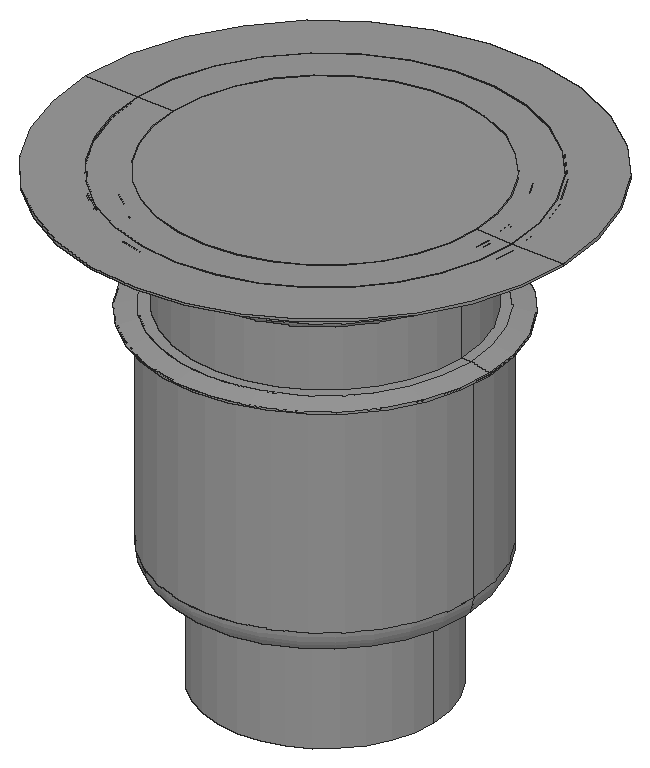
Revit family "ACO AUS Gully 218 Telescopic - Vinyl Top - Vertical Outlet with Location Flange - 222mm2", category Plumbing Fixtures, host Floor, Revit 2014
Parameters (values of type "141996 - Adjustable Height without FAT SS 304")
  Website = "www.acoaus.com.au"
  Watermarked By = "www.acoaus.com.au"
  Water Marked With = "BIM Manager Premium Suite"  # constant formula
  Water Mark 2 = "This file is water marked and users are prohibited to reproduce, adapt, distribute this information"  # constant formula
  Water Mark 1 = "This file is the property of ACO Passavant"  # constant formula
  Telephone = "+61 (2) 4747 4000"  # constant formula
  Product Type = "Point Drainage"  # constant formula
  Product Range = "ACO Gully 218"  # constant formula
  Product Code 413029 = "N/A"
  Product Code 413028 = "2.0 litre removable strainer - Stainless steel grade 304 - 0.9kg"
  Product Code 408236 = "N/A"
  Product Code 408233 = "N/A"
  Product Code 408226 = "Waterproof bonding flange - Stainless steel grade 304 - 2.5kg"
  Product Code 408223 = "0.7 litre removable strainer - Stainless steel grade 304 - 0.6kg"
  Product Code 142008 = "N/A"
  Product Code 142006 = "N/A"
  Product Code 142005 = "N/A"
  Product Code 142004 = "N/A"
  Product Code 142003 = "N/A"
  Product Code 142002 = "N/A"
  Price = "POA - contact ACO"  # constant formula
  Outlet Diameter (mm) = "160"
  Material = Stainless Steel AISI 304
  Manufacturer = "ACO Polycrete"  # constant formula
  Load Class = "A15 - C250 (EN 1253) and D210 (AS 3996)"  # constant formula
  Gully Weight (Kg) = "4.8"
  Gully Top Size (mm) = "To suit 300x300 grates"  # constant formula
  Gully Recycled Material Content = "20 - 30 %"  # constant formula
  Gully Recyclable = "Fully recyclable\r\nFully recyclable"  # constant formula
  Gully Product Description = "ACO Gully 218 adjustable height DN160 vertical outlet with round vinyl top section without Foul Air Trap - grade 304"
  Gully Product Code = "141996"
  Gully Outlet Radius = 80.00000 mm
  Gully Outlet Depth = 74.00000 mm
  Gully Material = "Stainless Steel Grade 304"
  Gully Colour = "passivated stainless steel surface ( matt grey)"  # constant formula
  Grating Product Code 97388 = "N/A"
  Grating Product Code 97148 = "Load Class M125 (EN 1253) - Ladder Grating - Plain - Stainless steel grade 304 - 222mm - 2.4kg"
  Foul Air Trap Seal Recycled Material Content = "N/A"
  Foul Air Trap Seal Recyclable = "N/A"
  Foul Air Trap Seal Material = "N/A"
  Foul Air Trap Seal Colour = "N/A"
  Flow Rate (l/s) = "27.1"
  Floor Void Depth [instance] = if(Gully Outlet Radius > 55.00000 mm, (-(Floor To Gully Height + 244.00000 mm)), (-(Floor To Gully Height + 244.00000 mm)))  # -335.00000 mm
  FFL To Gully Top Height [instance] = 158.00000 mm
  Floor To Gully Height [instance] = if(FFL To Gully Top Height > 91.00000 mm, 91.00000 mm, if(and(FFL To Gully Top Height > 62.00000 mm, FFL To Gully Top Height < 92.00000 mm), FFL To Gully Top Height, if(FFL To Gully Top Height < 62.00000 mm, 62.00000 mm, FFL To Gully Top Height)))  # 91.00000 mm
  Fax = "+61 (2) 4747 4029"  # constant formula
  E-mail Sales = "sales@acoaus.com.au"
  Address = "134-140 Old Bathurst Road, Emu Plains, NSW 2750, Australia\r\n"  # constant formula
  Foul Air Trap  &  Foul Air Trap Support Ring = no
  97388 - 222mm dia - Ladder Grating - Plain - Stainless Steel 316 [instance] = no
  97148 - 222mm dia - Ladder Grating - Plain - Stainless Steel 304 [instance] = yes
  413029 - 2.0 litre removable strainer - Stainless Steel 316 [instance] = no
  413028 - 2.0 litre removable strainer - Stainless Steel 304 [instance] = no
  408236 - Waterproof bonding flange - Stainless Steel 316 [instance] = no
  408233 - 0.7 litre removable strainer - Stainless Steel 316 [instance] = no
  408226 - Waterproof bonding flange - Stainless Steel 304 [instance] = no
  408223 - 0.7 litre removable strainer - Stainless Steel 304 [instance] = no
  160 mm Dia Outlet = yes
  142008 - Fixed strainer to suit a 160mm outlet - Stainless Steel 316 [instance] = no
  142006 - Retention chain connecting removable FAT to grate - Stainless Steel 316 [instance] = no
  142005 - Retention chain connecting removable strainer to grate - Stainless Steel 316 [instance] = no
  142004 - Retention chain connecting to FAT to removable strainer -Stainless Steel 316 [instance] = no
  142003 - Retention chain connecting fixed strainer to removable strainer - Stainless Steel 316 [instance] = no
  142002 - Retention chain connecting fixed strainer to FAT - Stainless Steel 316 [instance] = no
Reference planes
  plane 1 "Center (Front/Back)": y = 0
  plane 2: z = 0
  plane 3 "Center (Left/Right)": x = 0
Forms (mm)
  Extrusion 1, void
    sketch origin (0, 0, 0) x (1, 0, 0) y (0, 1, 0)
      loop
        circle (0, 0) r 175
    from 0 to -335 <- "Floor Void Depth"
  Revolve 2, solid, material "Stainless Steel AISI 304"
    sketch origin (0, 0, 0) x (1, 0, 0) y (0, 0, 1)
      loop
        line (-100, -42.996) -> (-100, -96) -> (-98.5, -96) -> (-98.5, -41.496) -> (-105.761, -41.496)
        arc (-105.761, -41.496) -> (-106.673, -41.118) -> (-107.051, -40.206) r 1.29
        line (-107.051, -40.206) -> (-107.051, -30) -> (-109.331, -30)
        arc (-109.331, -30) -> (-116.02, -27.23) -> (-118.79, -20.541) r 9.459
        line (-118.79, -20.541) -> (-118.79, -6.978)
        arc (-118.79, -6.978) -> (-119.663, -4.872) -> (-121.768, -4) r 2.978
        line (-121.768, -4) -> (-136.02, -4)
        arc (-136.02, -4) -> (-137.429, -3.145) -> (-137.323, -1.5) r 1.59
        line (-137.323, -1.5) -> (-137.323, 0) -> (-175, 0) -> (-175, -1.5) -> (-138.973, -1.5)
        arc (-138.973, -1.5) -> (-138.506, -4.245) -> (-136.02, -5.5) r 3.09
        line (-136.02, -5.5) -> (-121.768, -5.5)
        arc (-121.768, -5.5) -> (-120.723, -5.933) -> (-120.29, -6.978) r 1.478
        line (-120.29, -6.978) -> (-120.29, -20.541)
        arc (-120.29, -20.541) -> (-116.8, -28.561) -> (-108.551, -31.472) r 10.959
        line (-108.551, -31.472) -> (-108.551, -40.206)
        arc (-108.551, -40.206) -> (-107.734, -42.179) -> (-105.761, -42.996) r 2.79
        line (-105.761, -42.996) -> (-100, -42.996)
      axis (0, 0) -> (0, -96)
    angle from 0 to 360
  Extrusion 3, solid, material "Stainless Steel AISI 304"
    sketch origin (0, 0, 0) x (1, 0, 0) y (0, 1, 0)
      loop
        circle (0, 0) r 111
    from 0 to -30
  Revolve 4, solid, material "Stainless Steel AISI 304"
    sketch origin (0, 0, 0) x (1, 0, 0) y (0, 0, 1)
      loop
        line (-137.323, 0) -> (-137.323, -3.918) -> (-121.682, -3.918)
        arc (-121.682, -3.918) -> (-119.819, -4.605) -> (-118.848, -6.337) r 2.87
        line (-118.848, -6.337) -> (-118.848, -20.541)
        arc (-118.848, -20.541) -> (-116.63, -26.686) -> (-111, -30) r 9.624
        line (-111, -30) -> (-111, 0) -> (-137.323, 0)
      axis (0, 0) -> (0, -30)
    angle from 0 to 360
  Revolve 5, solid, material "Stainless Steel AISI 304" <- "Material", visible <- "Foul Air Trap  &  Foul Air Trap Support Ring"
    sketch origin (0, 0, 0) x (1, 0, 0) y (0, 0, 1)
      loop
        line (-90.958, -144.895) -> (-90.958, -147.395)
        arc (-90.958, -147.395) -> (-90.079, -149.516) -> (-87.958, -150.395) r 3
        line (-87.958, -150.395) -> (-81.458, -150.395)
        arc (-81.458, -150.395) -> (-67.316, -156.253) -> (-61.458, -170.395) r 20
        line (-61.458, -170.395) -> (-61.458, -175.432) -> (-60.004, -175.432) -> (-60.004, -170.395)
        arc (-60.004, -170.395) -> (-66.281, -155.241) -> (-81.435, -148.964) r 21.431
        line (-81.435, -148.964) -> (-87.979, -148.964)
        arc (-87.979, -148.964) -> (-89.025, -148.531) -> (-89.458, -147.485) r 1.479
        line (-89.458, -147.485) -> (-89.458, -144.895) -> (-90.958, -144.895)
      loop
        line (-83.958, -171.895) -> (-83.958, -201.895)
        arc (-83.958, -201.895) -> (-72.535, -229.472) -> (-44.958, -240.895) r 39
        line (-44.958, -240.895) -> (0, -240.895) -> (0, -239.395) -> (-44.958, -239.395)
        arc (-44.958, -239.395) -> (-71.475, -228.412) -> (-82.458, -201.895) r 37.5
        line (-82.458, -201.895) -> (-82.458, -171.895) -> (-83.958, -171.895)
      axis (0, -240.895) -> (0, -144.895)
    angle from 0 to 360
  Revolve 6, solid, material "Stainless Steel AISI 304" <- "Material", visible <- "Foul Air Trap  &  Foul Air Trap Support Ring"
    sketch origin (0, 0, 0) x (1, 0, 0) y (0, 0, 1)
      loop
        line (-107.5, -144.895) -> (-107.5, -165.895) -> (-91, -165.895) -> (-91, -160.395) -> (-82.5, -160.395) -> (-82.5, -150.395) -> (-91, -150.395) -> (-91, -144.895) -> (-107.5, -144.895)
      axis (0, -165.895) -> (0, -144.895)
    angle from 0 to 360
Lines and regions (mm)
  model lines
    curve 1: line (-101.295, 45.391, 0) -> (-101.295, -45.391, 0)
    curve 2: line (-98.105, 51.927, 0) -> (-98.105, -51.927, 0)
    curve 3: line (-61.415, 92.462, 0) -> (-61.415, -92.462, 0)
    curve 4: line (-58.225, 94.503, 0) -> (-58.225, -94.503, 0)
    curve 5: line (-21.535, 108.891, 0) -> (-21.535, -108.891, 0)
    curve 6: line (-18.345, 109.474, 0) -> (-18.345, -109.474, 0)
    curve 7: line (18.345, 109.474, 0) -> (18.345, -109.474, 0)
    curve 8: line (21.535, 108.891, 0) -> (21.535, -108.891, 0)
    curve 9: line (58.225, 94.503, 0) -> (58.225, -94.503, 0)
    curve 10: line (61.415, 92.462, 0) -> (61.415, -92.462, 0)
    curve 11: line (98.105, 51.927, 0) -> (98.105, -51.927, 0)
    curve 12: line (101.295, 45.391, 0) -> (101.295, -45.391, 0)
Dimensions and locks
  equal spacing: host sketch curve, plane 1 "Center (Front/Back)", host sketch curve
  equal spacing: host sketch curve, plane 3 "Center (Left/Right)", host sketch curve
  host sketch curve to host sketch curve = 3048.00000 mm  (x2)
  "FFL To Gully Top Height": host floor to host floor
  plane 2 to Revolve 2 sketch curve to Revolve 2 sketch curve to Revolve 2 sketch curve to Revolve 2 sketch curve to Revolve 2 sketch curve to Revolve 2 sketch curve to Revolve 2 sketch curve to Revolve 2 sketch curve to Revolve 2 sketch curve to Revolve 2 sketch curve to Revolve 2 sketch curve to Revolve 2 sketch curve to Revolve 2 sketch curve = 1.50009 mm locked, 0.90997 mm locked, 0.00000 mm locked, 1.59003 mm locked, 1.50000 mm locked, 1.47800 mm locked, 0.00000 mm locked, 13.56300 mm locked, 0.00000 mm locked, 19.66500 mm locked, 1.29000 mm locked, 1.50000 mm locked, 53.00400 mm locked
  Revolve 4 sketch curve to Revolve 4 sketch curve to Revolve 4 sketch curve to Revolve 4 sketch curve to Revolve 4 sketch curve = 3.91781 mm locked, 2.86978 mm locked, 13.75349 mm locked, 9.45891 mm locked
  locked: plane 3 "Center (Left/Right)" to Revolve 2 sketch curve at 175
  Revolve 5 sketch curve to Revolve 5 sketch curve to Revolve 5 sketch curve to Revolve 5 sketch curve to Revolve 5 sketch curve to Revolve 5 sketch curve to Revolve 5 sketch curve to Revolve 5 sketch curve to Revolve 5 sketch curve to Revolve 5 sketch curve to Revolve 5 sketch curve = 2.50000 mm locked, 3.00000 mm locked, 20.00000 mm locked, 0.00000 mm locked, 1.50000 mm locked, 3.53644 mm locked, 26.46356 mm locked, 0.00000 mm locked, 37.50000 mm locked, 1.50000 mm locked
  locked: nested 1 to Revolve 6 sketch curve at 53.895
  locked: nested 1 to Revolve 5 at 53.895
  locked: nested 1 to Revolve 5 sketch curve at 149.895
  locked: Revolve 5 to nested 3 at 53.895
  radius of Extrusion 3 sketch curve = 111.00000 mm
  aligned and locked: level to plane 2
  aligned and locked: Revolve 2 sketch curve to plane 3 "Center (Left/Right)"
  aligned and locked: nested 1 to nested 2
  aligned and locked: nested 1 to nested 3
  aligned and locked: Revolve 4 sketch curve to plane 3 "Center (Left/Right)"
  aligned and locked: Revolve 4 sketch curve to plane 2
  aligned and locked: plane 3 "Center (Left/Right)" to nested 2
  aligned and locked: plane 3 "Center (Left/Right)" to nested 4
  aligned and locked: nested 4 to plane 2
  aligned and locked: nested 5 to plane 1 "Center (Front/Back)"
  aligned and locked: nested 5 to plane 2
  aligned and locked: nested 3 to plane 1 "Center (Front/Back)"
  aligned and locked: level to Extrusion 3
  aligned and locked: Extrusion 3 to Revolve 2
  aligned and locked: Extrusion 1 sketch curve to Revolve 2  (x2)
  aligned and locked: Revolve 5 sketch curve to nested 4
  aligned and locked: Revolve 5 sketch curve to nested 2
  aligned and locked: Revolve 6 sketch curve to nested 4
Automatic sketch dimensions
  plane 1 "Center (Front/Back)" to Extrusion 3 sketch curve = 0.00000 mm
  Extrusion 3 sketch curve to plane 3 "Center (Left/Right)" = 0.00000 mm
  plane 1 "Center (Front/Back)" to curve 1 = 45.39078 mm
  curve 1 to plane 3 "Center (Left/Right)" = 101.29500 mm
  curve 1 to curve 2 = 3.19000 mm
  curve 2 to curve 3 = 36.69000 mm
  curve 3 to curve 4 = 3.19000 mm
  curve 5 to plane 3 "Center (Left/Right)" = 21.53500 mm
  curve 5 to curve 6 = 3.19000 mm
  plane 3 "Center (Left/Right)" to curve 7 = 18.34500 mm
  curve 7 to curve 8 = 3.19000 mm
  curve 8 to curve 9 = 36.69000 mm
  curve 9 to curve 10 = 3.19000 mm
  curve 10 to curve 11 = 36.69000 mm
  curve 11 to curve 12 = 3.19000 mm
  plane 1 "Center (Front/Back)" to curve 11 = 51.92696 mm
  curve 2 to curve 1 = 6.53618 mm
  curve 10 to curve 11 = 40.53491 mm
  curve 3 to curve 2 = 40.53491 mm
  curve 4 to curve 3 = 2.04130 mm
  curve 9 to curve 10 = 2.04130 mm
  curve 8 to curve 9 = 14.38780 mm
  curve 5 to curve 4 = 14.38780 mm
  curve 7 to curve 8 = 0.58259 mm
  curve 6 to curve 5 = 0.58259 mm
  curve 11 to curve 12 = 6.53618 mm
  curve 1 to plane 1 "Center (Front/Back)" = 45.39078 mm
  curve 12 to plane 1 "Center (Front/Back)" = 45.39078 mm
  curve 1 to curve 2 = 6.53618 mm
  curve 12 to curve 11 = 6.53618 mm
  curve 2 to curve 3 = 40.53491 mm
  curve 11 to curve 10 = 40.53491 mm
  curve 10 to curve 9 = 2.04130 mm
  curve 3 to curve 4 = 2.04130 mm
  curve 9 to curve 8 = 14.38780 mm
  curve 4 to curve 5 = 14.38780 mm
  curve 8 to curve 7 = 0.58259 mm
  curve 5 to curve 6 = 0.58259 mm
  Revolve 4 sketch curve to plane 3 "Center (Left/Right)" = 137.32343 mm
  Revolve 4 sketch curve to Revolve 4 sketch curve = 15.64153 mm
  Revolve 4 sketch curve to Revolve 4 sketch curve = 7.84766 mm
  Revolve 4 sketch curve to Revolve 4 sketch curve = 2.41947 mm
  Revolve 4 sketch curve to Revolve 4 sketch curve = 579.60000 mm
  level to Revolve 4 sketch curve = 2700.55196 mm
  Revolve 2 sketch curve to Revolve 2 sketch curve = 0.00000 mm  (x5)
  Revolve 2 sketch curve to Revolve 2 sketch curve = 1.50000 mm
  Revolve 2 sketch curve to Revolve 2 sketch curve = 5.76129 mm
  Revolve 2 sketch curve to Revolve 2 sketch curve = 2.28000 mm
  Revolve 2 sketch curve to Revolve 2 sketch curve = 9.45900 mm
  Revolve 2 sketch curve to Revolve 2 sketch curve = 14.25124 mm
  Revolve 2 sketch curve to level = 1.50009 mm
  Revolve 2 sketch curve to Revolve 2 sketch curve = 36.02746 mm
  Revolve 2 sketch curve to level = 55.30523 mm
  Revolve 2 sketch curve to Revolve 2 sketch curve = 12.68087 mm
  Revolve 2 sketch curve to level = 0.00000 mm
  Revolve 5 sketch curve to Revolve 5 sketch curve = 0.02084 mm
  Revolve 5 sketch curve to Revolve 5 sketch curve = 0.08962 mm
  Revolve 5 sketch curve to Revolve 5 sketch curve = 0.02293 mm
  Revolve 5 sketch curve to Revolve 5 sketch curve = 0.00000 mm
  Revolve 5 sketch curve to plane 3 "Center (Left/Right)" = 90.95805 mm
  Revolve 5 sketch curve to Revolve 5 sketch curve = 1.50000 mm
  Revolve 5 sketch curve to Revolve 5 sketch curve = 4.00000 mm
  Revolve 5 sketch curve to Revolve 5 sketch curve = 1.00000 mm
  Revolve 5 sketch curve to level = 0.00000 mm
  Revolve 5 sketch curve to Revolve 5 sketch curve = 33.86082 mm
  Revolve 6 sketch curve to plane 3 "Center (Left/Right)" = 91.00000 mm
  Revolve 6 sketch curve to Revolve 6 sketch curve = 0.00000 mm
  Revolve 6 sketch curve to Revolve 6 sketch curve = 8.50000 mm
  Revolve 6 sketch curve to Revolve 6 sketch curve = 5.50000 mm  (x2)
  Revolve 6 sketch curve to Revolve 6 sketch curve = 10.00000 mm
  Revolve 6 sketch curve to Revolve 6 sketch curve = 16.49988 mm
  Revolve 6 sketch curve to level = 0.00000 mm
  Revolve 6 sketch curve to Revolve 6 sketch curve = 13.86082 mm
Nested families
  nested 1: "Telescopic Gully Vertical Outlet" at (0, 0, 0), type "Telescopic Gully Vertical Outlet"
  nested 2: "Gully Detail Element" at (0, 0, -91) x (1, 0, 0) z (0, -1, 0), type "Gully Detail Element"
  nested 3: "Gully Detail Element" at (0, 0, -91) x (0, 1, 0) z (1, 0, 0), type "Gully Detail Element"
  nested 4: "Vinyl Gully Top" at (0, 0, 0) x (1, 0, 0) z (0, -1, 0), type "Vinyl Gully Top"
  nested 5: "Vinyl Gully Top" at (0, 0, 0) x (0, 1, 0) z (1, 0, 0), type "Vinyl Gully Top"
Connectors
  piping at (0, 0, -335), diameter 160, driven by "Gully Outlet Radius"
    settings: on nested 1, index 1, connector inside diameter 4.33071", connector length 0.00000 mm, flow factor 0, pipe flow 0 GPM, pressure drop 0.00 psi, fitting loss kfactor 0, connector angle 0.00°, fixture units 0, engagement length 0.00000 mm, angle of deflection 0.00°, flow configuration 0, flow direction 0, fitting loss method 0, system type 16, joint type 0, gender type 0, connector reference index -1, connector utility 0, adjustable connector no, is connector primary yes, connector description ""
Definition of nested family "Telescopic Gully Vertical Outlet"
  Parameters (values of type "Telescopic Gully Vertical Outlet")
    Watermarked By = ""
    Type Comments = "﻿﻿                                                ​                ﻿ ﻿﻿  ﻿ ﻿﻿          ﻿﻿﻿﻿   ﻿                         ﻿﻿"
    Material = Stainless Steel AISI 304
    Keynote = "﻿﻿                                                ​                ﻿ ﻿﻿  ﻿ ﻿﻿          ﻿﻿﻿﻿   ﻿                         ﻿﻿"
    Gully Outlet Dia = 80.00000 mm
    Gully Outlet Depth = 74.00000 mm
    Gully Bottom Width = if(Gully Outlet Dia > 55.00000 mm, 12.50000 mm, 37.50000 mm)  # 12.50000 mm
    Friction Ring = yes
    Foul Air Trap & Foul Air Trap Support = no
    Floor To Gully Height = 91.00000 mm
    Description = "﻿﻿                                                ​                ﻿ ﻿﻿  ﻿ ﻿﻿          ﻿﻿﻿﻿   ﻿                         ﻿﻿"
    Assembly Code = "D2040"
  Reference planes
    plane 1 "Center (Front/Back)": y = 0
    plane 2: z = 0
    plane 3 "Center (Left/Right)": x = 0
  Forms (mm)
    Revolve 1, solid, material "Stainless Steel AISI 304" <- "Material"
      sketch origin (0, 0, 0) x (1, 0, 0) y (0, 0, 1)
        loop
          line (-121, -91) -> (-121, -92.5) -> (-109, -92.5) -> (-109, -243)
          arc (-109, -243) -> (-103.728, -255.728) -> (-91, -261) r 18
          line (-91, -261) -> (-78.5, -261) -> (-78.5, -259.5) -> (-91, -259.5)
          arc (-91, -259.5) -> (-102.667, -254.667) -> (-107.5, -243) r 16.5
          line (-107.5, -243) -> (-107.5, -91) -> (-121, -91)
        axis (0, -91) -> (0, -261)
      angle from 0 to 360
    Revolve 2, solid, material "Stainless Steel AISI 304" <- "Material"
      sketch origin (0, 0, 0) x (1, 0, 0) y (0, 0, 1)
        loop
          line (-80, -261) -> (-80, -335) -> (-78.5, -335) -> (-78.5, -261) -> (-80, -261)
        axis (0, -261) -> (0, -335)
      angle from 0 to 360
    Revolve 3, solid, material "Rubber, Nitrile", visible <- "Friction Ring"
      sketch origin (0, 0, 0) x (1, 0, 0) y (0, 0, 1)
        loop
          line (-107.5, -91) -> (-107.5, -112) -> (-100, -112) -> (-100, -88) -> (-107.5, -88) -> (-121.508, -91) -> (-107.5, -91)
        axis (0, -88) -> (0, -112)
      angle from 0 to 360
  Dimensions and locks
    equal spacing: host sketch curve, plane 1 "Center (Front/Back)", host sketch curve
    equal spacing: host sketch curve, plane 3 "Center (Left/Right)", host sketch curve
    host sketch curve to host sketch curve = 3048.00000 mm  (x2)
    Revolve 3 sketch curve to Revolve 3 sketch curve to Revolve 3 sketch curve = 3.00000 mm locked, 21.00000 mm locked
    Revolve 3 sketch curve to Revolve 3 sketch curve to Revolve 3 sketch curve = 14.00778 mm locked, 7.50000 mm locked
    "Floor To Gully Height": host floor to Revolve 1 sketch curve
    "Gully Bottom Width": Revolve 1 sketch curve to Revolve 1 sketch curve
    locked: Revolve 2 sketch curve to Revolve 2 sketch curve at 1.5
    "Gully Outlet Dia": Revolve 2 sketch curve to plane 3 "Center (Left/Right)"
    "Gully Outlet Depth": Revolve 1 to Revolve 2 sketch curve
    Revolve 1 sketch curve to Revolve 1 sketch curve to Revolve 1 sketch curve to Revolve 1 sketch curve to Revolve 1 sketch curve to Revolve 1 sketch curve = 1.50000 mm locked, 150.50000 mm locked, 0.00000 mm locked, 16.50000 mm locked, 1.50000 mm locked
    Revolve 1 sketch curve to Revolve 1 sketch curve to Revolve 1 sketch curve to Revolve 1 sketch curve to Revolve 1 sketch curve = 12.00000 mm locked, 1.50000 mm locked, 16.50000 mm locked, 0.00000 mm locked
    locked: Revolve 1 sketch curve to plane 3 "Center (Left/Right)" at 107.5
    aligned and locked: level to plane 2
    aligned and locked: Revolve 1 sketch curve to plane 3 "Center (Left/Right)"
    aligned and locked: Revolve 2 sketch curve to plane 3 "Center (Left/Right)"
    aligned and locked: Revolve 3 sketch curve to Revolve 1
    aligned and locked: Revolve 3 sketch curve to plane 3 "Center (Left/Right)"
    aligned and locked: Revolve 1 to Revolve 2 sketch curve
  Automatic sketch dimensions
    Revolve 3 sketch curve to plane 3 "Center (Left/Right)" = 121.50778 mm
    Revolve 3 sketch curve to Revolve 3 sketch curve = 0.00000 mm
    Revolve 3 sketch curve to level = 109.66215 mm
    Revolve 3 sketch curve to Revolve 3 sketch curve = 20.00000 mm
    Revolve 1 sketch curve to level = 90.00000 mm
    Revolve 1 sketch curve to Revolve 1 sketch curve = 20.00000 mm
    Revolve 2 sketch curve to Revolve 2 sketch curve = 66.40000 mm
    Revolve 2 sketch curve to Revolve 2 sketch curve = 10.00000 mm
Definition of nested family "Gully Detail Element"
  Parameters (values of type "Gully Detail Element")
    Watermarked By = ""
    Type Comments = "﻿﻿                                                ​                ﻿ ﻿﻿  ﻿ ﻿﻿          ﻿﻿﻿﻿   ﻿                         ﻿﻿"
    Keynote = "﻿﻿                                                ​                ﻿ ﻿﻿  ﻿ ﻿﻿          ﻿﻿﻿﻿   ﻿                         ﻿﻿"
    Description = "﻿﻿                                                ​                ﻿ ﻿﻿  ﻿ ﻿﻿          ﻿﻿﻿﻿   ﻿                         ﻿﻿"
    Assembly Code = "D2040"
    160 mm Dia Outlet = yes
    110 mm Dia Outlet = no
  Reference planes
    plane 1 "Center (Front/Back)": y = 0
    plane 2: z = 0
    plane 3 "Center (Left/Right)": x = 0
  Lines and regions (mm)
    detail lines, in view "Ref. Level"
      curve 1: line (-121, 0, 0) -> (-121, -1.5, 0)
      curve 4: line (-91, -170, 0) -> (91, -170, 0)
      curve 7: line (121, 0, 0) -> (121, -1.5, 0)
      curve 11: line (-121, 0, 0) -> (121, 0, 0)
    detail lines, in view "Ref. Level", detail levels medium+fine
      curve 2: line (-121, -1.5, 0) -> (121, -1.5, 0)
      curve 3: line (-109, -2, 0) -> (-109, -59.002, 0)
      curve 5: arc (-109.5, -1.5, 0) -> (-109.146, -1.646, 0) -> (-109, -2, 0) r 0.5
      curve 6: arc (-109, -152, 0) -> (-103.728, -164.728, 0) -> (-91, -170, 0) r 18
      curve 8: line (109, -2, 0) -> (109, -59.002, 0)
      curve 9: arc (109.5, -1.5, 0) -> (109.146, -1.646, 0) -> (109, -2, 0) r 0.5
      curve 10: arc (109, -152, 0) -> (103.728, -164.728, 0) -> (91, -170, 0) r 18
      curve 26: line (-109, -71.195, 0) -> (-109, -152, 0)
      curve 27: line (109, -71.195, 0) -> (109, -152, 0)
    detail lines, in view "Ref. Level", detail levels coarse
      curve 12: line (-121, -1.5, 0) -> (-121, -170, 0)
      curve 13: line (-121, -170, 0) -> (-91, -170, 0)
      curve 14: line (121, -1.5, 0) -> (121, -170, 0)
      curve 15: line (121, -170, 0) -> (91, -170, 0)
    detail lines, style "0", in view "Ref. Level", detail levels medium+fine
      curve 16: arc (-107.25, -68.164, 0) -> (-108.531, -69.445, 0) -> (-109, -71.195, 0) r 3.5
      curve 17: arc (-105.69, -67.263, 0) -> (-104.44, -65.098, 0) -> (-105.69, -62.933, 0) r 2.5
      curve 18: arc (-109, -59.002, 0) -> (-108.531, -60.752, 0) -> (-107.25, -62.033, 0) r 3.5
      curve 19: line (-105.69, -67.263, 0) -> (-107.25, -68.164, 0)
      curve 20: line (-105.69, -62.933, 0) -> (-107.25, -62.033, 0)
      curve 21: arc (107.25, -68.164, 0) -> (108.531, -69.445, 0) -> (109, -71.195, 0) r 3.5
      curve 22: arc (105.69, -67.263, 0) -> (104.44, -65.098, 0) -> (105.69, -62.933, 0) r 2.5
      curve 23: arc (109, -59.002, 0) -> (108.531, -60.752, 0) -> (107.25, -62.033, 0) r 3.5
      curve 24: line (105.69, -67.263, 0) -> (107.25, -68.164, 0)
      curve 25: line (105.69, -62.933, 0) -> (107.25, -62.033, 0)
    detail lines, in view "Ref. Level", detail levels fine
      curve 28: line (-109, -59.002, 0) -> (109, -59.002, 0)
      curve 29: line (-109, -71.195, 0) -> (109, -71.195, 0)
      curve 30: line (-104.44, -65.098, 0) -> (104.44, -65.098, 0)
    detail lines, style "0", in view "Ref. Level", visible <- "160 mm Dia Outlet", detail levels medium+fine
      curve 31: arc (85.602, -170, 0) -> (82.187, -171.618, 0) -> (80.417, -174.955, 0) r 6
      curve 33: line (79.864, -237.689, 0) -> (78.173, -244, 0)
      curve 38: arc (-85.602, -170, 0) -> (-82.187, -171.618, 0) -> (-80.417, -174.955, 0) r 6
      curve 40: line (-79.864, -237.689, 0) -> (-78.173, -244, 0)
    detail lines, style "0", in view "Ref. Level", visible <- "160 mm Dia Outlet"
      curve 32: arc (79.864, -237.689, 0) -> (79.966, -237.176, 0) -> (80, -236.654, 0) r 4
      curve 39: arc (-79.864, -237.689, 0) -> (-79.966, -237.176, 0) -> (-80, -236.654, 0) r 4
    detail lines, in view "Ref. Level", visible <- "160 mm Dia Outlet"
      curve 34: line (80, -174.955, 0) -> (80, -236.654, 0)
      curve 41: line (-80, -174.955, 0) -> (-80, -236.654, 0)
      curve 43: line (-78.173, -244, 0) -> (78.173, -244, 0)
    detail lines, in view "Ref. Level", visible <- "160 mm Dia Outlet", detail levels coarse
      curve 35: line (80, -236.654, 0) -> (80, -244, 0)
      curve 36: line (78.173, -244, 0) -> (80, -244, 0)
      curve 37: line (-80, -244, 0) -> (-78.173, -244, 0)
      curve 42: line (-80, -236.654, 0) -> (-80, -244, 0)
      curve 45: line (-80, -174.955, 0) -> (-80, -170, 0)
      curve 46: line (80, -174.955, 0) -> (80, -170, 0)
    detail lines, in view "Ref. Level", visible <- "160 mm Dia Outlet", detail levels medium+fine
      curve 44: line (-80.417, -174.955, 0) -> (80.417, -174.955, 0)
    detail lines, in view "Ref. Level", visible <- "160 mm Dia Outlet", detail levels fine
      curve 47: line (-80, -237.176, 0) -> (79.966, -237.176, 0)
Definition of nested family "Vinyl Gully Top"
  Parameters (values of type "Vinyl Gully Top 218")
    Watermarked By = ""
    Type Comments = "﻿﻿           ﻿     ﻿                                              ﻿   ​ ​         ​                                   ﻿﻿"
    Keynote = "﻿﻿           ﻿     ﻿                                              ﻿   ​ ​         ​                                   ﻿﻿"
    Description = "﻿﻿           ﻿     ﻿                                              ﻿   ​ ​         ​                                   ﻿﻿"
    Assembly Code = "﻿﻿           ﻿     ﻿                                              ﻿   ​ ​         ​                                   ﻿﻿"
  Reference planes
    plane 1 "Center (Front/Back)": y = 0
    plane 2: z = 0
    plane 3 "Center (Left/Right)": x = 0
  Lines and regions (mm)
    detail lines, in view "Ref. Level"
      curve 1: line (-175, -1.5, 0) -> (175, -1.5, 0)
      curve 2: line (-136.02, -5.5, 0) -> (136.02, -5.5, 0)
      curve 3: arc (-138.973, -1.5, 0) -> (-138.506, -4.245, 0) -> (-136.02, -5.5, 0) r 3.09
      curve 4: line (-120.29, -6.978, 0) -> (-120.29, -20.541, 0)
      curve 5: arc (-121.768, -5.5, 0) -> (-120.723, -5.933, 0) -> (-120.29, -6.978, 0) r 1.478
      curve 6: line (-99.973, -42.996, 0) -> (-99.973, -96, 0)
      curve 7: line (-175, 0, 0) -> (175, 0, 0)
      curve 8: line (-99.973, -96, 0) -> (99.973, -96, 0)
      curve 9: line (-108.551, -31.5, 0) -> (108.551, -31.5, 0)
      curve 46: arc (138.973, -1.5, 0) -> (138.506, -4.245, 0) -> (136.02, -5.5, 0) r 3.09
      curve 47: arc (121.768, -5.5, 0) -> (120.723, -5.933, 0) -> (120.29, -6.978, 0) r 1.478
      curve 195: line (-109.331, -31.5, 0) -> (-108.551, -31.5, 0)
      curve 196: line (-108.551, -31.5, 0) -> (-108.551, -40.206, 0)
      curve 197: line (-105.761, -42.996, 0) -> (-99.973, -42.996, 0)
      curve 198: arc (-120.29, -20.541, 0) -> (-117.08, -28.29, 0) -> (-109.331, -31.5, 0) r 10.959
      curve 199: arc (-108.551, -40.206, 0) -> (-107.734, -42.179, 0) -> (-105.761, -42.996, 0) r 2.79
      curve 200: line (120.29, -6.978, 0) -> (120.29, -20.541, 0)
      curve 201: line (99.973, -42.996, 0) -> (99.973, -96, 0)
      curve 202: line (109.331, -31.5, 0) -> (108.551, -31.5, 0)
      curve 203: line (108.551, -31.5, 0) -> (108.551, -40.206, 0)
      curve 204: line (105.761, -42.996, 0) -> (99.973, -42.996, 0)
      curve 205: arc (120.29, -20.541, 0) -> (117.08, -28.29, 0) -> (109.331, -31.5, 0) r 10.959
      curve 206: arc (108.551, -40.206, 0) -> (107.734, -42.179, 0) -> (105.761, -42.996, 0) r 2.79
      curve 207: line (-99.973, -42.996, 0) -> (99.973, -42.996, 0)
      curve 208: line (-108.235, -41.496, 0) -> (108.235, -41.496, 0)
      curve 209: line (-120.29, -20.541, 0) -> (120.353, -20.541, 0)
      curve 210: line (175, 0, 0) -> (175, -1.5, 0)
      curve 211: line (-175, -1.5, 0) -> (-175, 0, 0)
    detail lines, style "Viditelná (ISO)", in view "Ref. Level", detail levels medium+fine
      curve 10: arc (-133.644, -5.5, 0) -> (-134.929, -7.225, 0) -> (-133.336, -8.67, 0) r 1.6
      curve 11: arc (-123.336, -8.67, 0) -> (-121.744, -7.225, 0) -> (-123.028, -5.5, 0) r 1.6
      curve 12: line (-133.336, -8.67, 0) -> (-123.336, -8.67, 0)
      curve 13: line (-133.836, -24.67, 0) -> (-133.836, -25.67, 0)
      curve 14: line (-133.836, -25.67, 0) -> (-122.836, -25.67, 0)
      curve 15: line (-122.836, -25.67, 0) -> (-122.836, -24.67, 0)
      curve 16: line (-122.836, -24.67, 0) -> (-133.836, -24.67, 0)
      curve 17: line (-132.836, -24.67, 0) -> (-132.836, -8.67, 0)
      curve 18: line (-123.836, -24.67, 0) -> (-123.836, -8.67, 0)
      curve 19: arc (-5, -5.495, 0) -> (-6.6, -7.095, 0) -> (-5, -8.695, 0) r 1.6
      curve 20: arc (5, -8.695, 0) -> (6.6, -7.095, 0) -> (5, -5.495, 0) r 1.6
      curve 21: line (-5, -8.695, 0) -> (5, -8.695, 0)
      curve 22: line (-5.5, -24.695, 0) -> (-5.5, -25.695, 0)
      curve 23: line (-5.5, -25.695, 0) -> (5.5, -25.695, 0)
      curve 24: line (5.5, -25.695, 0) -> (5.5, -24.695, 0)
      curve 25: line (5.5, -24.695, 0) -> (-5.5, -24.695, 0)
      curve 26: line (-4.5, -24.695, 0) -> (-4.5, -8.695, 0)
      curve 27: line (4.5, -24.695, 0) -> (4.5, -8.695, 0)
      curve 28: arc (83.887, -5.495, 0) -> (85.487, -7.095, 0) -> (83.887, -8.695, 0) r 1.6
      curve 29: arc (73.887, -8.695, 0) -> (72.287, -7.095, 0) -> (73.887, -5.495, 0) r 1.6
      curve 30: line (83.887, -8.695, 0) -> (73.887, -8.695, 0)
      curve 31: line (84.387, -24.695, 0) -> (84.387, -25.695, 0)
      curve 32: line (84.387, -25.695, 0) -> (73.387, -25.695, 0)
      curve 33: line (73.387, -25.695, 0) -> (73.387, -24.695, 0)
      curve 34: line (73.387, -24.695, 0) -> (84.387, -24.695, 0)
      curve 35: line (83.387, -24.695, 0) -> (83.387, -8.695, 0)
      curve 36: line (74.387, -24.695, 0) -> (74.387, -8.695, 0)
      curve 37: arc (-83.887, -5.495, 0) -> (-85.487, -7.095, 0) -> (-83.887, -8.695, 0) r 1.6
      curve 38: arc (-73.887, -8.695, 0) -> (-72.287, -7.095, 0) -> (-73.887, -5.495, 0) r 1.6
      curve 39: line (-83.887, -8.695, 0) -> (-73.887, -8.695, 0)
      curve 40: line (-84.387, -24.695, 0) -> (-84.387, -25.695, 0)
      curve 41: line (-84.387, -25.695, 0) -> (-73.387, -25.695, 0)
      curve 42: line (-73.387, -25.695, 0) -> (-73.387, -24.695, 0)
      curve 43: line (-73.387, -24.695, 0) -> (-84.387, -24.695, 0)
      curve 44: line (-83.387, -24.695, 0) -> (-83.387, -8.695, 0)
      curve 45: line (-74.387, -24.695, 0) -> (-74.387, -8.695, 0)
      curve 48: arc (133.644, -5.5, 0) -> (134.929, -7.225, 0) -> (133.336, -8.67, 0) r 1.6
      curve 49: arc (123.336, -8.67, 0) -> (121.744, -7.225, 0) -> (123.028, -5.5, 0) r 1.6
      curve 50: line (133.336, -8.67, 0) -> (123.336, -8.67, 0)
      curve 51: line (133.836, -24.67, 0) -> (133.836, -25.67, 0)
      curve 52: line (133.836, -25.67, 0) -> (122.836, -25.67, 0)
      curve 53: line (122.836, -25.67, 0) -> (122.836, -24.67, 0)
      curve 54: line (122.836, -24.67, 0) -> (133.836, -24.67, 0)
      curve 55: line (132.836, -24.67, 0) -> (132.836, -8.67, 0)
      curve 56: line (123.836, -24.67, 0) -> (123.836, -8.67, 0)
    detail lines, style "Viditelná (ISO)", in view "Ref. Level", detail levels fine
      curve 57: spline (-53.877, -20.514, 0) -> (-55.067, -20.719, 0) -> (-56.175, -21.318, 0) -> (-57.127, -22.272, 0) -> (-57.858, -23.514, 0) -> (-58.317, -24.961, 0) -> (-58.474, -26.514, 0) -> (-58.317, -28.067, 0) -> (-57.858, -29.514, 0) -> (-57.127, -30.757, 0) -> (-56.175, -31.711, 0) -> (-55.067, -32.31, 0) -> (-53.877, -32.514, 0)
      curve 58: spline (-57.337, -23.808, 0) -> (-57.628, -24.752, 0) -> (-57.793, -25.747, 0) -> (-57.827, -26.765, 0) -> (-57.728, -27.775, 0) -> (-57.5, -28.748, 0) -> (-57.15, -29.658, 0) -> (-56.686, -30.477, 0) -> (-56.123, -31.181, 0) -> (-55.477, -31.752, 0) -> (-54.766, -32.171, 0) -> (-54.012, -32.428, 0) -> (-53.234, -32.514, 0)
      curve 59: spline (-73.028, -32.514, 0) -> (-71.839, -32.31, 0) -> (-70.73, -31.711, 0) -> (-69.778, -30.757, 0) -> (-69.048, -29.514, 0) -> (-68.589, -28.067, 0) -> (-68.432, -26.514, 0) -> (-68.589, -24.961, 0) -> (-69.048, -23.514, 0) -> (-69.778, -22.272, 0) -> (-70.73, -21.318, 0) -> (-71.839, -20.719, 0) -> (-73.028, -20.514, 0)
      curve 60: spline (-53.877, -52.496, 0) -> (-53.87, -52.856, 0) -> (-53.847, -53.214, 0) -> (-53.809, -53.569, 0) -> (-53.757, -53.92, 0) -> (-53.69, -54.264, 0) -> (-53.608, -54.601, 0) -> (-53.513, -54.929, 0) -> (-53.404, -55.246, 0) -> (-53.281, -55.552, 0) -> (-53.147, -55.844, 0) -> (-53, -56.123, 0) -> (-52.842, -56.385, 0)
      curve 61: spline (-51.251, -66.638, 0) -> (-50.946, -66.097, 0) -> (-50.689, -65.499, 0) -> (-50.485, -64.854, 0) -> (-50.336, -64.173, 0) -> (-50.246, -63.467, 0) -> (-50.216, -62.749, 0) -> (-50.246, -62.031, 0) -> (-50.336, -61.326, 0) -> (-50.485, -60.644, 0) -> (-50.689, -59.999, 0) -> (-50.946, -59.401, 0) -> (-51.251, -58.86, 0)
      curve 62: spline (-52.842, -69.113, 0) -> (-53.147, -69.654, 0) -> (-53.404, -70.252, 0) -> (-53.608, -70.897, 0) -> (-53.757, -71.579, 0) -> (-53.847, -72.284, 0) -> (-53.877, -73.002, 0) -> (-53.847, -73.72, 0) -> (-53.757, -74.426, 0) -> (-53.608, -75.107, 0) -> (-53.404, -75.752, 0) -> (-53.147, -76.35, 0) -> (-52.842, -76.891, 0)
      curve 63: spline (-51.251, -87.144, 0) -> (-50.946, -86.603, 0) -> (-50.689, -86.005, 0) -> (-50.485, -85.36, 0) -> (-50.336, -84.679, 0) -> (-50.246, -83.973, 0) -> (-50.216, -83.255, 0) -> (-50.246, -82.537, 0) -> (-50.336, -81.832, 0) -> (-50.485, -81.151, 0) -> (-50.689, -80.505, 0) -> (-50.946, -79.907, 0) -> (-51.251, -79.366, 0)
      curve 64: spline (-52.842, -89.619, 0) -> (-53.147, -90.16, 0) -> (-53.404, -90.758, 0) -> (-53.608, -91.404, 0) -> (-53.757, -92.085, 0) -> (-53.847, -92.79, 0) -> (-53.877, -93.508, 0) -> (-53.847, -94.226, 0) -> (-53.757, -94.932, 0) -> (-53.608, -95.613, 0) -> (-53.404, -96.258, 0) -> (-53.147, -96.857, 0) -> (-52.842, -97.397, 0)
      curve 65: spline (-51.251, -107.65, 0) -> (-50.946, -107.11, 0) -> (-50.689, -106.511, 0) -> (-50.485, -105.866, 0) -> (-50.336, -105.185, 0) -> (-50.246, -104.479, 0) -> (-50.216, -103.761, 0) -> (-50.246, -103.043, 0) -> (-50.336, -102.338, 0) -> (-50.485, -101.657, 0) -> (-50.689, -101.011, 0) -> (-50.946, -100.413, 0) -> (-51.251, -99.872, 0)
      curve 66: spline (-52.842, -110.125, 0) -> (-53, -110.388, 0) -> (-53.147, -110.666, 0) -> (-53.281, -110.959, 0) -> (-53.404, -111.264, 0) -> (-53.513, -111.582, 0) -> (-53.608, -111.91, 0) -> (-53.69, -112.246, 0) -> (-53.757, -112.591, 0) -> (-53.809, -112.941, 0) -> (-53.847, -113.297, 0) -> (-53.87, -113.655, 0) -> (-53.877, -114.014, 0)
      curve 67: spline (-52.387, -110.832, 0) -> (-52.517, -111.047, 0) -> (-52.637, -111.275, 0) -> (-52.747, -111.514, 0) -> (-52.847, -111.764, 0) -> (-52.936, -112.024, 0) -> (-53.014, -112.292, 0) -> (-53.081, -112.568, 0) -> (-53.136, -112.85, 0) -> (-53.179, -113.137, 0) -> (-53.21, -113.427, 0) -> (-53.228, -113.72, 0) -> (-53.234, -114.014, 0)
      curve 68: spline (-50.796, -108.358, 0) -> (-50.436, -107.718, 0) -> (-50.132, -107.011, 0) -> (-49.891, -106.249, 0) -> (-49.715, -105.444, 0) -> (-49.608, -104.61, 0) -> (-49.573, -103.761, 0) -> (-49.608, -102.913, 0) -> (-49.715, -102.079, 0) -> (-49.891, -101.274, 0) -> (-50.132, -100.511, 0) -> (-50.436, -99.804, 0) -> (-50.796, -99.165, 0)
      curve 69: spline (-52.387, -90.326, 0) -> (-52.637, -90.769, 0) -> (-52.847, -91.258, 0) -> (-53.014, -91.786, 0) -> (-53.136, -92.344, 0) -> (-53.21, -92.921, 0) -> (-53.234, -93.508, 0) -> (-53.21, -94.096, 0) -> (-53.136, -94.673, 0) -> (-53.014, -95.23, 0) -> (-52.847, -95.758, 0) -> (-52.637, -96.248, 0) -> (-52.387, -96.69, 0)
      curve 70: spline (-50.796, -87.851, 0) -> (-50.436, -87.212, 0) -> (-50.132, -86.505, 0) -> (-49.891, -85.743, 0) -> (-49.715, -84.938, 0) -> (-49.608, -84.104, 0) -> (-49.573, -83.255, 0) -> (-49.608, -82.407, 0) -> (-49.715, -81.573, 0) -> (-49.891, -80.768, 0) -> (-50.132, -80.005, 0) -> (-50.436, -79.298, 0) -> (-50.796, -78.659, 0)
      curve 71: spline (-52.387, -69.82, 0) -> (-52.637, -70.263, 0) -> (-52.847, -70.752, 0) -> (-53.014, -71.28, 0) -> (-53.136, -71.838, 0) -> (-53.21, -72.415, 0) -> (-53.234, -73.002, 0) -> (-53.21, -73.59, 0) -> (-53.136, -74.167, 0) -> (-53.014, -74.724, 0) -> (-52.847, -75.252, 0) -> (-52.637, -75.742, 0) -> (-52.387, -76.184, 0)
      curve 72: spline (-50.796, -67.345, 0) -> (-50.436, -66.706, 0) -> (-50.132, -65.999, 0) -> (-49.891, -65.237, 0) -> (-49.715, -64.431, 0) -> (-49.608, -63.598, 0) -> (-49.573, -62.749, 0) -> (-49.608, -61.901, 0) -> (-49.715, -61.067, 0) -> (-49.891, -60.262, 0) -> (-50.132, -59.499, 0) -> (-50.436, -58.792, 0) -> (-50.796, -58.153, 0)
      curve 73: spline (-53.234, -52.496, 0) -> (-53.228, -52.79, 0) -> (-53.21, -53.083, 0) -> (-53.179, -53.374, 0) -> (-53.136, -53.661, 0) -> (-53.081, -53.943, 0) -> (-53.014, -54.218, 0) -> (-52.936, -54.486, 0) -> (-52.847, -54.746, 0) -> (-52.747, -54.996, 0) -> (-52.637, -55.236, 0) -> (-52.517, -55.463, 0) -> (-52.387, -55.678, 0)
      curve 74: spline (-71.993, -110.125, 0) -> (-72.151, -110.388, 0) -> (-72.298, -110.666, 0) -> (-72.433, -110.959, 0) -> (-72.555, -111.264, 0) -> (-72.664, -111.582, 0) -> (-72.759, -111.91, 0) -> (-72.841, -112.246, 0) -> (-72.908, -112.591, 0) -> (-72.96, -112.941, 0) -> (-72.998, -113.297, 0) -> (-73.021, -113.655, 0) -> (-73.028, -114.014, 0)
      curve 75: spline (-70.402, -107.65, 0) -> (-70.097, -107.11, 0) -> (-69.84, -106.511, 0) -> (-69.636, -105.866, 0) -> (-69.487, -105.185, 0) -> (-69.397, -104.479, 0) -> (-69.367, -103.761, 0) -> (-69.397, -103.043, 0) -> (-69.487, -102.338, 0) -> (-69.636, -101.657, 0) -> (-69.84, -101.011, 0) -> (-70.097, -100.413, 0) -> (-70.402, -99.872, 0)
      curve 76: spline (-71.993, -89.619, 0) -> (-72.298, -90.16, 0) -> (-72.555, -90.758, 0) -> (-72.759, -91.404, 0) -> (-72.908, -92.085, 0) -> (-72.998, -92.79, 0) -> (-73.028, -93.508, 0) -> (-72.998, -94.226, 0) -> (-72.908, -94.932, 0) -> (-72.759, -95.613, 0) -> (-72.555, -96.258, 0) -> (-72.298, -96.857, 0) -> (-71.993, -97.397, 0)
      curve 77: spline (-70.402, -87.144, 0) -> (-70.097, -86.603, 0) -> (-69.84, -86.005, 0) -> (-69.636, -85.36, 0) -> (-69.487, -84.679, 0) -> (-69.397, -83.973, 0) -> (-69.367, -83.255, 0) -> (-69.397, -82.537, 0) -> (-69.487, -81.832, 0) -> (-69.636, -81.151, 0) -> (-69.84, -80.505, 0) -> (-70.097, -79.907, 0) -> (-70.402, -79.366, 0)
      curve 78: spline (-71.993, -69.113, 0) -> (-72.298, -69.654, 0) -> (-72.555, -70.252, 0) -> (-72.759, -70.897, 0) -> (-72.908, -71.579, 0) -> (-72.998, -72.284, 0) -> (-73.028, -73.002, 0) -> (-72.998, -73.72, 0) -> (-72.908, -74.426, 0) -> (-72.759, -75.107, 0) -> (-72.555, -75.752, 0) -> (-72.298, -76.35, 0) -> (-71.993, -76.891, 0)
      curve 79: spline (-70.402, -66.638, 0) -> (-70.097, -66.097, 0) -> (-69.84, -65.499, 0) -> (-69.636, -64.854, 0) -> (-69.487, -64.173, 0) -> (-69.397, -63.467, 0) -> (-69.367, -62.749, 0) -> (-69.397, -62.031, 0) -> (-69.487, -61.326, 0) -> (-69.636, -60.644, 0) -> (-69.84, -59.999, 0) -> (-70.097, -59.401, 0) -> (-70.402, -58.86, 0)
      curve 80: spline (-73.028, -52.496, 0) -> (-73.021, -52.856, 0) -> (-72.998, -53.214, 0) -> (-72.96, -53.569, 0) -> (-72.908, -53.92, 0) -> (-72.841, -54.264, 0) -> (-72.759, -54.601, 0) -> (-72.664, -54.929, 0) -> (-72.555, -55.246, 0) -> (-72.433, -55.552, 0) -> (-72.298, -55.844, 0) -> (-72.151, -56.123, 0) -> (-71.993, -56.385, 0)
      curve 81: spline (-73.028, -130.502, 0) -> (-71.783, -132.252, 0) -> (-70.351, -133.74, 0) -> (-68.766, -134.933, 0) -> (-67.062, -135.805, 0) -> (-65.278, -136.336, 0) -> (-63.453, -136.514, 0) -> (-61.628, -136.336, 0) -> (-59.844, -135.805, 0) -> (-58.14, -134.933, 0) -> (-56.555, -133.74, 0) -> (-55.123, -132.252, 0) -> (-53.877, -130.502, 0)
      curve 82: spline (-62.81, -136.514, 0) -> (-61.895, -136.47, 0) -> (-60.985, -136.336, 0) -> (-60.085, -136.114, 0) -> (-59.201, -135.805, 0) -> (-58.337, -135.411, 0) -> (-57.497, -134.933, 0) -> (-56.687, -134.375, 0) -> (-55.912, -133.74, 0) -> (-55.175, -133.031, 0) -> (-54.48, -132.252, 0) -> (-53.832, -131.407, 0) -> (-53.234, -130.502, 0)
      curve 83: spline (-63.131, -118.029, 0) -> (-64.256, -118.319, 0) -> (-65.291, -118.964, 0) -> (-66.172, -119.923, 0) -> (-66.843, -121.136, 0) -> (-67.263, -122.529, 0) -> (-67.406, -124.014, 0) -> (-67.263, -125.5, 0) -> (-66.843, -126.892, 0) -> (-66.172, -128.106, 0) -> (-65.291, -129.065, 0) -> (-64.256, -129.71, 0) -> (-63.131, -130, 0)
      curve 84: spline (-63.453, -130.014, 0) -> (-62.263, -129.81, 0) -> (-61.155, -129.211, 0) -> (-60.203, -128.257, 0) -> (-59.472, -127.014, 0) -> (-59.013, -125.567, 0) -> (-58.857, -124.014, 0) -> (-59.013, -122.461, 0) -> (-59.472, -121.014, 0) -> (-60.203, -119.772, 0) -> (-61.155, -118.818, 0) -> (-62.263, -118.219, 0) -> (-63.453, -118.014, 0) -> (-64.642, -118.219, 0) -> (-65.751, -118.818, 0) -> (-66.703, -119.772, 0) -> (-67.433, -121.014, 0) -> (-67.892, -122.461, 0) -> (-68.049, -124.014, 0) -> (-67.892, -125.567, 0) -> (-67.433, -127.014, 0) -> (-66.703, -128.257, 0) -> (-65.751, -129.211, 0) -> (-64.642, -129.81, 0) -> (-63.453, -130.014, 0)
      curve 85: line (-53.234, -52.496, 0) -> (-53.234, -32.514, 0)
      curve 86: line (-53.877, -32.514, 0) -> (-53.877, -52.496, 0)
      curve 87: line (-52.842, -56.385, 0) -> (-51.251, -58.86, 0)
      curve 88: line (-51.251, -66.638, 0) -> (-52.842, -69.113, 0)
      curve 89: line (-52.842, -76.891, 0) -> (-51.251, -79.366, 0)
      curve 90: line (-51.251, -87.144, 0) -> (-52.842, -89.619, 0)
      curve 91: line (-52.842, -97.397, 0) -> (-51.251, -99.872, 0)
      curve 92: line (-51.251, -107.65, 0) -> (-52.842, -110.125, 0)
      curve 93: line (-53.877, -114.014, 0) -> (-53.877, -130.502, 0)
      curve 94: line (-53.877, -130.502, 0) -> (-53.234, -130.502, 0)
      curve 95: line (-53.234, -130.502, 0) -> (-53.234, -114.014, 0)
      curve 96: line (-52.387, -110.832, 0) -> (-50.796, -108.358, 0)
      curve 97: line (-50.796, -99.165, 0) -> (-52.387, -96.69, 0)
      curve 98: line (-52.387, -90.326, 0) -> (-50.796, -87.851, 0)
      curve 99: line (-50.796, -78.659, 0) -> (-52.387, -76.184, 0)
      curve 100: line (-52.387, -69.82, 0) -> (-50.796, -67.345, 0)
      curve 101: line (-50.796, -58.153, 0) -> (-52.387, -55.678, 0)
      curve 102: line (-53.234, -18.014, 0) -> (-53.234, -10.514, 0)
      curve 103: line (-53.877, -10.514, 0) -> (-53.877, -20.514, 0)
      curve 104: line (-53.877, -10.514, 0) -> (-73.028, -10.514, 0)
      curve 105: line (-73.028, -10.514, 0) -> (-73.028, -20.514, 0)
      curve 106: line (-73.028, -114.014, 0) -> (-73.028, -130.502, 0)
      curve 107: line (-70.402, -107.65, 0) -> (-71.993, -110.125, 0)
      curve 108: line (-71.993, -97.397, 0) -> (-70.402, -99.872, 0)
      curve 109: line (-71.993, -76.891, 0) -> (-70.402, -79.366, 0)
      curve 110: line (-70.402, -87.144, 0) -> (-71.993, -89.619, 0)
      curve 111: line (-71.993, -56.385, 0) -> (-70.402, -58.86, 0)
      curve 112: line (-70.402, -66.638, 0) -> (-71.993, -69.113, 0)
      curve 113: line (-73.028, -32.514, 0) -> (-73.028, -52.496, 0)
      curve 114: line (-63.453, -136.514, 0) -> (-62.81, -136.514, 0)
      curve 115: spline (120.29, -20.5, 0) -> (120.021, -20.704, 0) -> (119.769, -21.304, 0) -> (119.554, -22.257, 0) -> (119.388, -23.5, 0) -> (119.284, -24.947, 0) -> (119.248, -26.5, 0) -> (119.284, -28.053, 0) -> (119.388, -29.5, 0) -> (119.554, -30.743, 0) -> (119.769, -31.696, 0) -> (120.021, -32.296, 0) -> (120.29, -32.5, 0)
      curve 116: spline (115.949, -32.5, 0) -> (116.219, -32.296, 0) -> (116.47, -31.696, 0) -> (116.686, -30.743, 0) -> (116.851, -29.5, 0) -> (116.955, -28.053, 0) -> (116.991, -26.5, 0) -> (116.955, -24.947, 0) -> (116.851, -23.5, 0) -> (116.686, -22.257, 0) -> (116.47, -21.304, 0) -> (116.219, -20.704, 0) -> (115.949, -20.5, 0)
      curve 117: spline (118.704, -56.371, 0) -> (118.946, -56.108, 0) -> (119.171, -55.83, 0) -> (119.377, -55.537, 0) -> (119.565, -55.232, 0) -> (119.732, -54.914, 0) -> (119.878, -54.586, 0) -> (120.003, -54.25, 0) -> (120.106, -53.905, 0) -> (120.186, -53.555, 0) -> (120.244, -53.2, 0) -> (120.279, -52.841, 0) -> (120.29, -52.482, 0)
      curve 118: spline (116.267, -58.846, 0) -> (115.799, -59.387, 0) -> (115.406, -59.985, 0) -> (115.092, -60.63, 0) -> (114.865, -61.311, 0) -> (114.726, -62.017, 0) -> (114.68, -62.735, 0) -> (114.726, -63.453, 0) -> (114.865, -64.158, 0) -> (115.092, -64.839, 0) -> (115.406, -65.485, 0) -> (115.799, -66.083, 0) -> (116.267, -66.624, 0)
      curve 119: spline (118.704, -76.877, 0) -> (119.171, -76.336, 0) -> (119.565, -75.738, 0) -> (119.878, -75.093, 0) -> (120.106, -74.411, 0) -> (120.244, -73.706, 0) -> (120.29, -72.988, 0) -> (120.244, -72.27, 0) -> (120.106, -71.564, 0) -> (119.878, -70.883, 0) -> (119.565, -70.238, 0) -> (119.171, -69.64, 0) -> (118.704, -69.099, 0)
      curve 120: spline (116.267, -79.352, 0) -> (115.799, -79.893, 0) -> (115.406, -80.491, 0) -> (115.092, -81.136, 0) -> (114.865, -81.817, 0) -> (114.726, -82.523, 0) -> (114.68, -83.241, 0) -> (114.726, -83.959, 0) -> (114.865, -84.664, 0) -> (115.092, -85.346, 0) -> (115.406, -85.991, 0) -> (115.799, -86.589, 0) -> (116.267, -87.13, 0)
      curve 121: spline (118.704, -97.383, 0) -> (119.171, -96.842, 0) -> (119.565, -96.244, 0) -> (119.878, -95.599, 0) -> (120.106, -94.917, 0) -> (120.244, -94.212, 0) -> (120.29, -93.494, 0) -> (120.244, -92.776, 0) -> (120.106, -92.07, 0) -> (119.878, -91.389, 0) -> (119.565, -90.744, 0) -> (119.171, -90.146, 0) -> (118.704, -89.605, 0)
      curve 122: spline (116.267, -99.858, 0) -> (115.799, -100.399, 0) -> (115.406, -100.997, 0) -> (115.092, -101.642, 0) -> (114.865, -102.323, 0) -> (114.726, -103.029, 0) -> (114.68, -103.747, 0) -> (114.726, -104.465, 0) -> (114.865, -105.17, 0) -> (115.092, -105.852, 0) -> (115.406, -106.497, 0) -> (115.799, -107.095, 0) -> (116.267, -107.636, 0)
      curve 123: spline (120.29, -114, 0) -> (120.279, -113.64, 0) -> (120.244, -113.282, 0) -> (120.186, -112.927, 0) -> (120.106, -112.576, 0) -> (120.003, -112.232, 0) -> (119.878, -111.895, 0) -> (119.732, -111.567, 0) -> (119.565, -111.25, 0) -> (119.377, -110.944, 0) -> (119.171, -110.652, 0) -> (118.946, -110.374, 0) -> (118.704, -110.111, 0)
      curve 124: spline (113.666, -55.664, 0) -> (113.864, -55.449, 0) -> (114.048, -55.221, 0) -> (114.217, -54.982, 0) -> (114.37, -54.732, 0) -> (114.507, -54.472, 0) -> (114.627, -54.204, 0) -> (114.729, -53.928, 0) -> (114.813, -53.646, 0) -> (114.879, -53.36, 0) -> (114.926, -53.069, 0) -> (114.955, -52.776, 0) -> (114.964, -52.482, 0)
      curve 125: spline (111.229, -58.139, 0) -> (110.677, -58.778, 0) -> (110.212, -59.485, 0) -> (109.841, -60.247, 0) -> (109.572, -61.052, 0) -> (109.409, -61.886, 0) -> (109.354, -62.735, 0) -> (109.409, -63.583, 0) -> (109.572, -64.417, 0) -> (109.841, -65.222, 0) -> (110.212, -65.985, 0) -> (110.677, -66.692, 0) -> (111.229, -67.331, 0)
      curve 126: spline (113.666, -76.17, 0) -> (114.048, -75.727, 0) -> (114.37, -75.238, 0) -> (114.627, -74.71, 0) -> (114.813, -74.152, 0) -> (114.926, -73.575, 0) -> (114.964, -72.988, 0) -> (114.926, -72.4, 0) -> (114.813, -71.823, 0) -> (114.627, -71.266, 0) -> (114.37, -70.738, 0) -> (114.048, -70.248, 0) -> (113.666, -69.806, 0)
      curve 127: spline (111.229, -78.645, 0) -> (110.677, -79.284, 0) -> (110.212, -79.991, 0) -> (109.841, -80.753, 0) -> (109.572, -81.558, 0) -> (109.409, -82.392, 0) -> (109.354, -83.241, 0) -> (109.409, -84.089, 0) -> (109.572, -84.923, 0) -> (109.841, -85.728, 0) -> (110.212, -86.491, 0) -> (110.677, -87.198, 0) -> (111.229, -87.837, 0)
      curve 128: spline (113.666, -96.676, 0) -> (114.048, -96.233, 0) -> (114.37, -95.744, 0) -> (114.627, -95.216, 0) -> (114.813, -94.659, 0) -> (114.926, -94.081, 0) -> (114.964, -93.494, 0) -> (114.926, -92.906, 0) -> (114.813, -92.329, 0) -> (114.627, -91.772, 0) -> (114.37, -91.244, 0) -> (114.048, -90.754, 0) -> (113.666, -90.312, 0)
      curve 129: spline (111.229, -99.151, 0) -> (110.677, -99.79, 0) -> (110.212, -100.497, 0) -> (109.841, -101.259, 0) -> (109.572, -102.065, 0) -> (109.409, -102.898, 0) -> (109.354, -103.747, 0) -> (109.409, -104.595, 0) -> (109.572, -105.429, 0) -> (109.841, -106.234, 0) -> (110.212, -106.997, 0) -> (110.677, -107.704, 0) -> (111.229, -108.343, 0)
      curve 130: spline (114.964, -114, 0) -> (114.955, -113.706, 0) -> (114.926, -113.413, 0) -> (114.879, -113.122, 0) -> (114.813, -112.835, 0) -> (114.729, -112.553, 0) -> (114.627, -112.278, 0) -> (114.507, -112.01, 0) -> (114.37, -111.75, 0) -> (114.217, -111.5, 0) -> (114.048, -111.261, 0) -> (113.864, -111.033, 0) -> (113.666, -110.818, 0)
      curve 131: spline (115.949, -114, 0) -> (115.937, -113.64, 0) -> (115.903, -113.282, 0) -> (115.845, -112.927, 0) -> (115.764, -112.576, 0) -> (115.662, -112.232, 0) -> (115.537, -111.895, 0) -> (115.39, -111.567, 0) -> (115.223, -111.25, 0) -> (115.036, -110.944, 0) -> (114.83, -110.652, 0) -> (114.605, -110.374, 0) -> (114.363, -110.111, 0)
      curve 132: spline (111.925, -99.858, 0) -> (111.458, -100.399, 0) -> (111.065, -100.997, 0) -> (110.751, -101.642, 0) -> (110.523, -102.323, 0) -> (110.385, -103.029, 0) -> (110.339, -103.747, 0) -> (110.385, -104.465, 0) -> (110.523, -105.17, 0) -> (110.751, -105.852, 0) -> (111.065, -106.497, 0) -> (111.458, -107.095, 0) -> (111.925, -107.636, 0)
      curve 133: spline (114.363, -97.383, 0) -> (114.83, -96.842, 0) -> (115.223, -96.244, 0) -> (115.537, -95.599, 0) -> (115.764, -94.917, 0) -> (115.903, -94.212, 0) -> (115.949, -93.494, 0) -> (115.903, -92.776, 0) -> (115.764, -92.07, 0) -> (115.537, -91.389, 0) -> (115.223, -90.744, 0) -> (114.83, -90.146, 0) -> (114.363, -89.605, 0)
      curve 134: spline (111.925, -79.352, 0) -> (111.458, -79.893, 0) -> (111.065, -80.491, 0) -> (110.751, -81.136, 0) -> (110.523, -81.817, 0) -> (110.385, -82.523, 0) -> (110.339, -83.241, 0) -> (110.385, -83.959, 0) -> (110.523, -84.664, 0) -> (110.751, -85.346, 0) -> (111.065, -85.991, 0) -> (111.458, -86.589, 0) -> (111.925, -87.13, 0)
      curve 135: spline (114.363, -76.877, 0) -> (114.83, -76.336, 0) -> (115.223, -75.738, 0) -> (115.537, -75.093, 0) -> (115.764, -74.411, 0) -> (115.903, -73.706, 0) -> (115.949, -72.988, 0) -> (115.903, -72.27, 0) -> (115.764, -71.564, 0) -> (115.537, -70.883, 0) -> (115.223, -70.238, 0) -> (114.83, -69.64, 0) -> (114.363, -69.099, 0)
      curve 136: spline (111.925, -58.846, 0) -> (111.458, -59.387, 0) -> (111.065, -59.985, 0) -> (110.751, -60.63, 0) -> (110.523, -61.311, 0) -> (110.385, -62.017, 0) -> (110.339, -62.735, 0) -> (110.385, -63.453, 0) -> (110.523, -64.158, 0) -> (110.751, -64.839, 0) -> (111.065, -65.485, 0) -> (111.458, -66.083, 0) -> (111.925, -66.624, 0)
      curve 137: spline (114.363, -56.371, 0) -> (114.605, -56.108, 0) -> (114.83, -55.83, 0) -> (115.036, -55.537, 0) -> (115.223, -55.232, 0) -> (115.39, -54.914, 0) -> (115.537, -54.586, 0) -> (115.662, -54.25, 0) -> (115.764, -53.905, 0) -> (115.845, -53.555, 0) -> (115.903, -53.2, 0) -> (115.937, -52.841, 0) -> (115.949, -52.482, 0)
      curve 138: spline (115.949, -130.487, 0) -> (116.231, -132.237, 0) -> (116.556, -133.725, 0) -> (116.915, -134.919, 0) -> (117.302, -135.791, 0) -> (117.706, -136.322, 0) -> (118.12, -136.5, 0) -> (118.533, -136.322, 0) -> (118.938, -135.791, 0) -> (119.324, -134.919, 0) -> (119.683, -133.725, 0) -> (120.008, -132.237, 0) -> (120.29, -130.487, 0)
      curve 139: spline (114.964, -130.487, 0) -> (115.1, -131.393, 0) -> (115.247, -132.237, 0) -> (115.404, -133.016, 0) -> (115.571, -133.725, 0) -> (115.747, -134.361, 0) -> (115.93, -134.919, 0) -> (116.121, -135.396, 0) -> (116.317, -135.791, 0) -> (116.517, -136.1, 0) -> (116.721, -136.322, 0) -> (116.927, -136.455, 0) -> (117.135, -136.5, 0)
      curve 140: spline (117.627, -129.288, 0) -> (117.783, -128.695, 0) -> (117.919, -127.952, 0) -> (118.029, -127.081, 0) -> (118.11, -126.111, 0) -> (118.16, -125.073, 0) -> (118.177, -124, 0) -> (118.16, -122.927, 0) -> (118.11, -121.889, 0) -> (118.029, -120.919, 0) -> (117.919, -120.048, 0) -> (117.783, -119.305, 0) -> (117.627, -118.712, 0)
      curve 141: spline (118.12, -130, 0) -> (118.389, -129.796, 0) -> (118.641, -129.196, 0) -> (118.856, -128.243, 0) -> (119.022, -127, 0) -> (119.126, -125.553, 0) -> (119.162, -124, 0) -> (119.126, -122.447, 0) -> (119.022, -121, 0) -> (118.856, -119.757, 0) -> (118.641, -118.804, 0) -> (118.389, -118.204, 0) -> (118.12, -118, 0) -> (117.85, -118.204, 0) -> (117.599, -118.804, 0) -> (117.383, -119.757, 0) -> (117.217, -121, 0) -> (117.113, -122.447, 0) -> (117.078, -124, 0) -> (117.113, -125.553, 0) -> (117.217, -127, 0) -> (117.383, -128.243, 0) -> (117.599, -129.196, 0) -> (117.85, -129.796, 0) -> (118.12, -130, 0)
      curve 142: line (115.949, -52.482, 0) -> (115.949, -32.5, 0)
      curve 143: line (115.949, -32.5, 0) -> (114.964, -32.5, 0)
      curve 144: line (114.964, -32.5, 0) -> (114.964, -52.482, 0)
      curve 145: line (115.949, -20.5, 0) -> (115.949, -10.5, 0)
      curve 146: line (120.29, -32.5, 0) -> (120.29, -52.482, 0)
      curve 147: line (118.704, -56.371, 0) -> (116.267, -58.846, 0)
      curve 148: line (116.267, -66.624, 0) -> (118.704, -69.099, 0)
      curve 149: line (118.704, -76.877, 0) -> (116.267, -79.352, 0)
      curve 150: line (116.267, -87.13, 0) -> (118.704, -89.605, 0)
